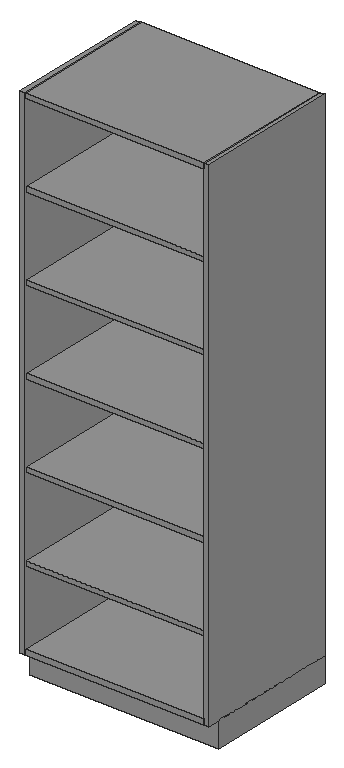
Revit family "TMI - T1100 - Tall_Open1", category Casework, Revit 2016
Family settings
  OmniClass Number = 23.40.35.14.11
  OmniClass Title = Modular Casework
  Work Plane-Based = No
  Always vertical = Yes
  Cut with Voids When Loaded = No
  Shared = No
  Room Calculation Point = No
Parameters (values of type "30" x 84" x 23"")
  Verticle Partition [instance] = Width > 39"  # no
  URL = "www.tmisystems.com"
  Two Shelves [instance] = Shelf Quantity = 2  # no
  Toe Kick Height = 4"
  Toe Kick Depth = 2"
  Three Shelves [instance] = Shelf Quantity = 3  # no
  Shelf Thickness = 3/4"
  Shelf Quantity [instance] = 5
  One Shelf [instance] = Shelf Quantity = 1  # no
  Model = "T1100"
  Manufacturer = "TMI Systems Corporation"
  Interior Finish = none
  Four Shelves [instance] = Shelf Quantity = 4  # no
  Five Shelves [instance] = Shelf Quantity = 5  # yes
  Filler Width (Left) [instance] = 3"
  Filler Right [instance] = no
  Filler Left [instance] = no
  Filler Width (Right) [instance] = 3"
  Description = "Tall, Open, Fixed Shelf, Adj. Shelf"
  Depth = 23"
  Height = 84"
  Width = 30"
  Casework Thickness = 3/4"
  Casework Back Thickness = 1/4"
  Cabinet Finish = Plastic Laminate
  Assembly Code = ""
Types (9): name | Width
  24" x 84" x 23" | 24"
  12" x 84" x 23" | 12"
  15" x 84" x 23" | 15"
  18" x 84" x 23" | 18"
  21" x 84" x 23" | 21"
  27" x 84" x 23" | 27"
  30" x 84" x 23" | 30"
  33" x 84" x 23" | 33"
  36" x 84" x 23" | 36"
Reference planes (in)
  plane 1 "Back": y = -1
  plane 2: z = 0
  plane 3 "Center (Left/Right)": x = 0.7377
  plane 4 "Left": x = -14.2623
  plane 5 "Right": x = 15.7377
  plane 6 "Front": y = -24
  plane 7 "Top": z = 84
  plane 8: y = -2
  plane 9: x = -13.5123
  plane 10: x = 14.9877
  plane 11: z = 83.25
  plane 12: x = -17.2623
  plane 13: x = 18.7377
  plane 14: y = -1.75
  plane 15: y = -22
  plane 16: z = 4
  plane 17: z = 4.75
  plane 18: z = 8.75
  plane 19: z = 79.25
  plane 20: x = 0.3627
  plane 21: x = 1.1127
  plane 22: z = 44
  plane 23: z = 64
  plane 24: z = 24
  plane 25: z = 30.66667
  plane 26: z = 57.33333
  plane 27: z = 70.66667
  plane 28: z = 17.33333
  plane 29: z = 44
  plane 30: y = -23.875
  plane 31: z = 68
  plane 32: z = 52
  plane 33: z = 36
  plane 34: z = 20
  plane 35: y = -21.25
  plane 36: y = -23.25
Forms (in)
  Extrusion 1, solid, material "Plastic Laminate" <- "Cabinet Finish"
    sketch origin (0, 0.21844, 0) x (1, 0, 0) y (0, 1, 0)
      loop
        line (-14.2623, -1.21844) -> (-14.2623, -24.21844) -> (-13.5123, -24.21844) -> (-13.5123, -1.21844) -> (-14.2623, -1.21844)
      loop
        line (14.9877, -1.21844) -> (14.9877, -24.21844) -> (15.7377, -24.21844) -> (15.7377, -1.21844) -> (14.9877, -1.21844)
    from 4 to 84
  Extrusion 2, solid, material "Plastic Laminate" <- "Cabinet Finish"
    sketch origin (0.05747, 11.94613, 0) x (1, 0, 0) y (0, 0, 1)
      loop
        line (-13.56976, 4.75) -> (-13.56976, 4) -> (14.93024, 4) -> (14.93024, 4.75) -> (-13.56976, 4.75)
      loop
        line (-13.56976, 84) -> (-13.56976, 83.25) -> (14.93024, 83.25) -> (14.93024, 84) -> (-13.56976, 84)
    from 12.94613 to 35.94613
  Extrusion 3, solid, material "Plastic Laminate" <- "Cabinet Finish"
    sketch origin (0, 0, 0) x (1, 0, 0) y (0, 1, 0)
      loop
        line (-13.5123, -1.75) -> (-13.5123, -2) -> (14.9877, -2) -> (14.9877, -1.75) -> (-13.5123, -1.75)
    from 83.63348 to 4.36517
  Extrusion 4, solid, material "Plastic Laminate" <- "Cabinet Finish", visible <- "Filler Right"
    sketch origin (0, -24, 0) x (1, 0, 0) y (0, 0, 1)
      loop
        line (15.7377, 84) -> (15.7377, 4) -> (18.7377, 4) -> (18.7377, 84) -> (15.7377, 84)
    from -0.75 to 0
  Extrusion 5, solid, material "Plastic Laminate" <- "Cabinet Finish", visible <- "Filler Left"
    sketch origin (0, -24, 0) x (1, 0, 0) y (0, 0, 1)
      loop
        line (-17.2623, 84) -> (-17.2623, 4) -> (-14.2623, 4) -> (-14.2623, 84) -> (-17.2623, 84)
    from -0.75 to 0
  Extrusion 6, solid, material "Wood"
    sketch origin (-14.2623, 0, 0) x (0, -1, 0) y (0, 0, 1)
      loop
        line (1, 83.25) -> (1, 79.25) -> (1.75, 79.25) -> (1.75, 83.25) -> (1, 83.25)
      loop
        line (1, 8.75) -> (1, 4.75) -> (1.75, 4.75) -> (1.75, 8.75) -> (1, 8.75)
    from -29.25 to -0.75
  Extrusion 7, solid, material "Wood"
    sketch origin (0, 0, 0) x (1, 0, 0) y (0, 0, 1)
      loop
        line (15.7377, 4) -> (-14.2623, 4) -> (-14.2623, 0) -> (15.7377, 0) -> (15.7377, 4)
    from 1 to 22
  Extrusion 8, solid, material "Wood", visible <- "Filler Right"
    sketch origin (0, 0, 0) x (1, 0, 0) y (0, 0, 1)
      loop
        line (18.7377, 4) -> (15.7377, 4) -> (15.7377, 0) -> (18.7377, 0) -> (18.7377, 4)
    from 21.25 to 22
  Extrusion 9, solid, material "Wood", visible <- "Filler Left"
    sketch origin (0, 0, 0) x (1, 0, 0) y (0, 0, 1)
      loop
        line (-14.2623, 4) -> (-17.2623, 4) -> (-17.2623, 0) -> (-14.2623, 0) -> (-14.2623, 4)
    from 21.25 to 22
  Extrusion 10, solid, material "Plastic Laminate" <- "Cabinet Finish", visible <- "Verticle Partition"
    sketch origin (0, -24, 0) x (1, 0, 0) y (0, 0, 1)
      loop
        line (0.3627, 83.25) -> (0.3627, 4.75) -> (1.1127, 4.75) -> (1.1127, 83.25) -> (0.3627, 83.25)
    from -22 to 0
  Extrusion 11, solid, material "Plastic Laminate" <- "Cabinet Finish", visible <- "Five Shelves"
    sketch origin (0, -24, 0) x (1, 0, 0) y (0, 0, 1)
      loop
        line (-13.5123, 70.66667) -> (-13.5123, 69.91667) -> (14.9877, 69.91667) -> (14.9877, 70.66667) -> (-13.5123, 70.66667)
      loop
        line (14.9877, 57.33333) -> (-13.5123, 57.33333) -> (-13.5123, 56.58333) -> (14.9877, 56.58333) -> (14.9877, 57.33333)
      loop
        line (-13.5123, 44) -> (-13.5123, 43.25) -> (14.9877, 43.25) -> (14.9877, 44) -> (-13.5123, 44)
      loop
        line (-13.5123, 30.66667) -> (-13.5123, 29.91667) -> (14.9877, 29.91667) -> (14.9877, 30.66667) -> (-13.5123, 30.66667)
      loop
        line (-13.5123, 17.33333) -> (-13.5123, 16.58333) -> (14.9877, 16.58333) -> (14.9877, 17.33333) -> (-13.5123, 17.33333)
    from -22 to -0.125
  Extrusion 12, solid, material "Plastic Laminate" <- "Cabinet Finish", visible <- "Four Shelves"
    sketch origin (0, -24, 0) x (1, 0, 0) y (0, 0, 1)
      loop
        line (-13.5123, 68) -> (-13.5123, 67.25) -> (14.9877, 67.25) -> (14.9877, 68) -> (-13.5123, 68)
      loop
        line (-13.5123, 52) -> (-13.5123, 51.25) -> (14.9877, 51.25) -> (14.9877, 52) -> (-13.5123, 52)
      loop
        line (-13.5123, 36) -> (-13.5123, 35.25) -> (14.9877, 35.25) -> (14.9877, 36) -> (-13.5123, 36)
      loop
        line (-13.5123, 19.25) -> (14.9877, 19.25) -> (14.9877, 20) -> (-13.5123, 20) -> (-13.5123, 19.25)
    from -22 to -0.125
  Extrusion 13, solid, material "Plastic Laminate" <- "Cabinet Finish", visible <- "Three Shelves"
    sketch origin (0, -24, 0) x (1, 0, 0) y (0, 0, 1)
      loop
        line (-13.5123, 64) -> (-13.5123, 63.25) -> (14.9877, 63.25) -> (14.9877, 64) -> (-13.5123, 64)
      loop
        line (-13.5123, 44) -> (-13.5123, 43.25) -> (14.9877, 43.25) -> (14.9877, 44) -> (-13.5123, 44)
      loop
        line (-13.5123, 24) -> (-13.5123, 23.25) -> (14.9877, 23.25) -> (14.9877, 24) -> (-13.5123, 24)
    from -22 to -0.125
  Extrusion 14, solid, material "Plastic Laminate" <- "Cabinet Finish", visible <- "One Shelf"
    sketch origin (0, -24, 0) x (1, 0, 0) y (0, 0, 1)
      loop
        line (-13.5123, 44) -> (-13.5123, 43.25) -> (14.9877, 43.25) -> (14.9877, 44) -> (-13.5123, 44)
    from -22 to -0.125
  Extrusion 15, solid, material "Plastic Laminate" <- "Cabinet Finish", visible <- "Two Shelves"
    sketch origin (0, -24, 0) x (1, 0, 0) y (0, 0, 1)
      loop
        line (-13.5123, 57.33333) -> (-13.5123, 56.58333) -> (14.9877, 56.58333) -> (14.9877, 57.33333) -> (-13.5123, 57.33333)
      loop
        line (-13.5123, 30.66667) -> (-13.5123, 29.91667) -> (14.9877, 29.91667) -> (14.9877, 30.66667) -> (-13.5123, 30.66667)
    from -22 to -0.125
Lines and regions (in)
  Masking region 1
    outline origin (0, 0, 0) x (1, 0, 0) y (0, 1, 0)
      loop
        line (-14.2623, -1) -> (-14.2623, -24) -> (15.7377, -24) -> (15.7377, -1) -> (-14.2623, -1)
  Masking region 2, visible <- "Filler Left"
    outline origin (0, 0, 0) x (1, 0, 0) y (0, 1, 0)
      loop
        line (-17.2623, -21.25) -> (-17.2623, -24) -> (-14.2623, -24) -> (-14.2623, -21.25) -> (-17.2623, -21.25)
  Masking region 3, visible <- "Filler Right"
    outline origin (0, 0, 0) x (1, 0, 0) y (0, 1, 0)
      loop
        line (15.7377, -21.25) -> (15.7377, -24) -> (18.7377, -24) -> (18.7377, -21.25) -> (15.7377, -21.25)
  symbolic lines, style "CaseworkHiddenLines"
    curve 1: line (0.8002, -24, 0) -> (0.6752, -24, 0)
    curve 2: line (0.6752, -24, 4) -> (0.8002, -24, 4)
  symbolic lines, style "Casework"
    curve 3: line (-14.2623, -1, 4.75) -> (-14.2623, -1.75, 4.75)
    curve 4: line (-14.2623, -1, 4) -> (-14.2623, -1, 4.75)
    curve 5: line (-14.2623, -24.00118, 4) -> (-14.2623, -1, 4)
    curve 6: line (-14.2623, -24.00118, 4.75) -> (-14.2623, -24.00118, 4)
    curve 7: line (-14.2623, -1, 84) -> (-14.2623, -24.00118, 84)
    curve 8: line (-14.2623, -1, 83.25) -> (-14.2623, -1, 84)
    curve 9: line (-14.2623, -24.00118, 83.25) -> (-14.2623, -2, 83.25)
    curve 10: line (-14.2623, -24.00118, 84) -> (-14.2623, -24.00118, 83.25)
    curve 11: line (-14.2623, -1.75, 83.25) -> (-14.2623, -1, 83.25)
    curve 12: line (-14.2623, -2, 4.75) -> (-14.2623, -24.00118, 4.75)
  symbolic lines, style "CaseworkHiddenLines", visible <- "Five Shelves"
    curve 13: line (-14.2623, -2, 70.66667) -> (-14.2623, -23.875, 70.66667)
    curve 14: line (-14.2623, -23.875, 70.66667) -> (-14.2623, -23.875, 69.91667)
    curve 15: line (-14.2623, -23.875, 69.91667) -> (-14.2623, -2, 69.91667)
    curve 22: line (-14.2623, -2, 57.33333) -> (-14.2623, -23.875, 57.33333)
    curve 23: line (-14.2623, -23.875, 57.33333) -> (-14.2623, -23.875, 56.58333)
    curve 24: line (-14.2623, -23.875, 56.58333) -> (-14.2623, -2, 56.58333)
    curve 28: line (-14.2623, -2, 44) -> (-14.2623, -23.875, 44)
    curve 29: line (-14.2623, -23.875, 44) -> (-14.2623, -23.875, 43.25)
    curve 30: line (-14.2623, -23.875, 43.25) -> (-14.2623, -2, 43.25)
    curve 34: line (-14.2623, -2, 30.66667) -> (-14.2623, -23.875, 30.66667)
    curve 35: line (-14.2623, -23.875, 30.66667) -> (-14.2623, -23.875, 29.91667)
    curve 36: line (-14.2623, -23.875, 29.91667) -> (-14.2623, -2, 29.91667)
    curve 43: line (-14.2623, -2, 17.33333) -> (-14.2623, -23.875, 17.33333)
    curve 44: line (-14.2623, -23.875, 17.33333) -> (-14.2623, -23.875, 16.58333)
    curve 45: line (-14.2623, -23.875, 16.58333) -> (-14.2623, -2, 16.58333)
  symbolic lines, style "CaseworkHiddenLines", visible <- "Four Shelves"
    curve 16: line (-14.2623, -2, 67.25) -> (-14.2623, -23.875, 67.25)
    curve 17: line (-14.2623, -23.875, 67.25) -> (-14.2623, -23.875, 68)
    curve 18: line (-14.2623, -23.875, 68) -> (-14.2623, -2, 68)
    curve 25: line (-14.2623, -2, 51.25) -> (-14.2623, -23.875, 51.25)
    curve 26: line (-14.2623, -23.875, 51.25) -> (-14.2623, -23.875, 52)
    curve 27: line (-14.2623, -23.875, 52) -> (-14.2623, -2, 52)
    curve 31: line (-14.2623, -2, 35.25) -> (-14.2623, -23.875, 35.25)
    curve 32: line (-14.2623, -23.875, 35.25) -> (-14.2623, -23.875, 36)
    curve 33: line (-14.2623, -23.875, 36) -> (-14.2623, -2, 36)
    curve 40: line (-14.2623, -2, 20) -> (-14.2623, -23.875, 20)
    curve 41: line (-14.2623, -23.875, 20) -> (-14.2623, -23.875, 19.25)
    curve 42: line (-14.2623, -23.875, 19.25) -> (-14.2623, -2, 19.25)
  symbolic lines, style "CaseworkHiddenLines", visible <- "Three Shelves"
    curve 19: line (-14.2623, -2, 64) -> (-14.2623, -23.875, 64)
    curve 20: line (-14.2623, -23.875, 64) -> (-14.2623, -23.875, 63.25)
    curve 21: line (-14.2623, -23.875, 63.25) -> (-14.2623, -2, 63.25)
    curve 37: line (-14.2623, -2, 24) -> (-14.2623, -23.875, 24)
    curve 38: line (-14.2623, -23.875, 24) -> (-14.2623, -23.875, 23.25)
    curve 39: line (-14.2623, -23.875, 23.25) -> (-14.2623, -2, 23.25)
    curve 46: line (-14.2623, -2, 44) -> (-14.2623, -23.875, 44)
    curve 47: line (-14.2623, -23.875, 44) -> (-14.2623, -23.875, 43.25)
    curve 48: line (-14.2623, -23.875, 43.25) -> (-14.2623, -2, 43.25)
  symbolic lines, style "CaseworkHiddenLines", visible <- "Two Shelves"
    curve 49: line (-14.2623, -2, 30.66667) -> (-14.2623, -23.875, 30.66667)
    curve 50: line (-14.2623, -23.875, 30.66667) -> (-14.2623, -23.875, 29.91667)
    curve 51: line (-14.2623, -23.875, 29.91667) -> (-14.2623, -2, 29.91667)
    curve 52: line (-14.2623, -2, 57.33333) -> (-14.2623, -23.875, 57.33333)
    curve 53: line (-14.2623, -23.875, 57.33333) -> (-14.2623, -23.875, 56.58333)
    curve 54: line (-14.2623, -23.875, 56.58333) -> (-14.2623, -2, 56.58333)
  symbolic lines, style "CaseworkHiddenLines", visible <- "One Shelf"
    curve 55: line (-14.2623, -2, 44) -> (-14.2623, -23.875, 44)
    curve 56: line (-14.2623, -23.875, 44) -> (-14.2623, -23.875, 43.25)
    curve 57: line (-14.2623, -23.875, 43.25) -> (-14.2623, -2, 43.25)
Dimensions and locks (in)
  "Width": plane 4 "Left" to plane 5 "Right"
  equal spacing: plane 4 "Left", plane 3 "Center (Left/Right)", plane 5 "Right"
  "Casework Thickness": plane 4 "Left" to plane 9
  "Casework Thickness": plane 10 to plane 5 "Right"
  "Casework Thickness": plane 7 "Top" to plane 11
  "Filler Width (Right)": plane 5 "Right" to plane 13
  "Filler Width (Left)": plane 12 to plane 4 "Left"
  "Depth": plane 6 "Front" to plane 1 "Back"
  "Casework Back Thickness": plane 14 to plane 8
  locked: plane 14 to plane 1 "Back" at 0.75
  "Toe Kick Depth": plane 15 to plane 6 "Front"
  "Toe Kick Height": plane 16 to level
  "Casework Thickness": plane 17 to plane 16
  "Height": plane 7 "Top" to level
  locked: plane 19 to plane 11 at 4
  locked: plane 17 to plane 18 at 4
  locked: plane 17 to Extrusion 3 at 0.38483
  locked: plane 11 to Extrusion 3 at 0.38348
  "Casework Thickness": plane 20 to plane 21
  equal spacing: plane 21, plane 3 "Center (Left/Right)", plane 20
  equal spacing: plane 7 "Top", plane 23, plane 22, plane 24, plane 16
  equal spacing: plane 7 "Top", plane 27, plane 26, plane 29, plane 25, plane 28, plane 16
  "Shelf Thickness": plane 27 to Extrusion 11 sketch curve
  "Shelf Thickness": plane 26 to Extrusion 11 sketch curve
  "Shelf Thickness": plane 29 to Extrusion 11 sketch curve
  "Shelf Thickness": plane 25 to Extrusion 11 sketch curve
  "Shelf Thickness": plane 28 to Extrusion 11 sketch curve
  "Shelf Thickness": Extrusion 12 sketch curve to Extrusion 12 sketch curve  (x4)
  "Shelf Thickness": plane 23 to Extrusion 13 sketch curve
  "Shelf Thickness": Extrusion 11 to Extrusion 13 sketch curve
  "Shelf Thickness": Extrusion 13 sketch curve to Extrusion 13 sketch curve
  equal spacing: plane 7 "Top", plane 31, plane 32, plane 33, plane 34, plane 16
  locked: plane 6 "Front" to plane 30 at 0.125
  locked: plane 6 "Front" to plane 36 at 0.75
  locked: plane 35 to plane 15 at 0.75
  aligned and locked: plane 2 to level
  aligned and locked: Extrusion 1 sketch curve to plane 4 "Left"
  aligned and locked: Extrusion 1 sketch curve to plane 9
  aligned and locked: Extrusion 1 sketch curve to plane 10
  aligned and locked: plane 5 "Right" to Extrusion 1 sketch curve
  aligned and locked: plane 7 "Top" to Extrusion 2 sketch curve
  aligned and locked: Extrusion 2 sketch curve to plane 11
  aligned and locked: Extrusion 1 to plane 1 "Back"  (x2)
  aligned and locked: plane 10 to Extrusion 3 sketch curve
  aligned and locked: plane 9 to Extrusion 3 sketch curve
  aligned and locked: plane 8 to Extrusion 3 sketch curve
  aligned and locked: Extrusion 1 to plane 7 "Top"
  aligned and locked: plane 7 "Top" to Extrusion 4 sketch curve
  aligned and locked: Extrusion 4 sketch curve to plane 13
  aligned and locked: Extrusion 4 sketch curve to plane 5 "Right"
  aligned and locked: plane 7 "Top" to Extrusion 5 sketch curve
  aligned and locked: plane 12 to Extrusion 5 sketch curve
  aligned and locked: plane 14 to Extrusion 3
  aligned and locked: plane 14 to Extrusion 6 sketch curve  (x2)
  aligned and locked: plane 1 "Back" to Extrusion 6 sketch curve  (x2)
  aligned and locked: plane 11 to Extrusion 6 sketch curve
  aligned and locked: Extrusion 6 to plane 9
  aligned and locked: Extrusion 6 to plane 10
  aligned and locked: Extrusion 8 to Extrusion 7
  aligned and locked: Extrusion 9 to Extrusion 7
  aligned and locked: plane 16 to Extrusion 9
  aligned and locked: plane 16 to Extrusion 7
  aligned and locked: plane 16 to Extrusion 8
  aligned and locked: Extrusion 4 to plane 16
  aligned and locked: Extrusion 5 to plane 16
  aligned and locked: Extrusion 1 to plane 16
  aligned and locked: Extrusion 2 to plane 16
  aligned and locked: plane 17 to Extrusion 2
  aligned and locked: plane 19 to Extrusion 6
  aligned and locked: Extrusion 1 to Extrusion 2
  aligned and locked: Extrusion 7 to Extrusion 1
  aligned and locked: Extrusion 6 to plane 18
  aligned and locked: Extrusion 6 to plane 17
  aligned and locked: Masking region 1 sketch curve to plane 4 "Left"
  aligned and locked: plane 1 "Back" to Masking region 1 sketch curve
  aligned and locked: Masking region 1 sketch curve to plane 6 "Front"
  aligned and locked: plane 5 "Right" to Masking region 1 sketch curve
  aligned and locked: plane 1 "Back" to curve 8
  aligned and locked: plane 7 "Top" to curve 7
  aligned and locked: curve 11 to Extrusion 6
  aligned and locked: curve 3 to plane 17
  aligned and locked: plane 16 to curve 5
  aligned and locked: curve 9 to plane 11
  aligned and locked: Extrusion 9 to plane 15
  aligned and locked: plane 11 to Extrusion 10 sketch curve
  aligned and locked: plane 17 to Extrusion 10 sketch curve
  aligned and locked: plane 20 to Extrusion 10 sketch curve
  aligned and locked: plane 21 to Extrusion 10 sketch curve
  aligned and locked: plane 8 to Extrusion 10
  aligned and locked: plane 27 to Extrusion 11 sketch curve
  aligned and locked: plane 26 to Extrusion 11 sketch curve
  aligned and locked: plane 29 to Extrusion 11 sketch curve
  aligned and locked: plane 25 to Extrusion 11 sketch curve
  aligned and locked: plane 28 to Extrusion 11 sketch curve
  aligned and locked: plane 9 to Extrusion 11 sketch curve  (x4)
  aligned and locked: Extrusion 11 sketch curve to plane 9
  aligned and locked: plane 10 to Extrusion 11 sketch curve  (x3)
  aligned and locked: Extrusion 11 sketch curve to plane 10  (x2)
  aligned and locked: plane 9 to Extrusion 12 sketch curve  (x3)
  aligned and locked: Extrusion 12 sketch curve to plane 9
  aligned and locked: plane 10 to Extrusion 12 sketch curve
  aligned and locked: Extrusion 12 sketch curve to plane 10  (x3)
  aligned and locked: Extrusion 13 sketch curve to plane 24
  aligned and locked: plane 9 to Extrusion 13 sketch curve  (x3)
  aligned and locked: plane 10 to Extrusion 13 sketch curve
  aligned and locked: Extrusion 13 sketch curve to plane 10  (x2)
  aligned and locked: plane 29 to Extrusion 13 sketch curve
  aligned and locked: plane 23 to Extrusion 13 sketch curve
  aligned and locked: plane 8 to Extrusion 11
  aligned and locked: plane 8 to Extrusion 12
  aligned and locked: plane 8 to Extrusion 13
  aligned and locked: plane 29 to Extrusion 14 sketch curve
  aligned and locked: plane 9 to Extrusion 14 sketch curve
  aligned and locked: Extrusion 14 sketch curve to plane 10
  aligned and locked: Extrusion 14 sketch curve to Extrusion 13
  aligned and locked: plane 8 to Extrusion 14
  aligned and locked: plane 25 to Extrusion 15 sketch curve
  aligned and locked: Extrusion 15 sketch curve to plane 26
  aligned and locked: Extrusion 15 sketch curve to Extrusion 11  (x2)
  aligned and locked: Extrusion 15 sketch curve to plane 10
  aligned and locked: plane 9 to Extrusion 15 sketch curve  (x2)
  aligned and locked: plane 10 to Extrusion 15 sketch curve
  aligned and locked: plane 8 to Extrusion 15
  aligned and locked: plane 4 "Left" to Masking region 2 sketch curve
  aligned and locked: plane 12 to Masking region 2 sketch curve
  aligned and locked: Masking region 3 sketch curve to plane 5 "Right"
  aligned and locked: Masking region 3 sketch curve to plane 13
  aligned and locked: plane 30 to Extrusion 11
  aligned and locked: plane 30 to Extrusion 12
  aligned and locked: plane 30 to Extrusion 13
  aligned and locked: plane 30 to Extrusion 15
  aligned and locked: plane 30 to Extrusion 14
  aligned and locked: Extrusion 12 to plane 31
  aligned and locked: plane 32 to Extrusion 12
  aligned and locked: Extrusion 12 to plane 33
  aligned and locked: Extrusion 12 to plane 34
  aligned and locked: plane 6 "Front" to Extrusion 1  (x2)
  aligned and locked: plane 6 "Front" to Extrusion 10
  aligned and locked: plane 6 "Front" to Extrusion 4
  aligned and locked: plane 6 "Front" to Extrusion 5
  aligned and locked: plane 6 "Front" to Extrusion 2
  aligned and locked: curve 34 to Extrusion 15
  aligned and locked: curve 37 to Extrusion 13
  aligned and locked: curve 39 to Extrusion 13
  aligned and locked: curve 40 to Extrusion 12
  aligned and locked: curve 42 to Extrusion 12
  aligned and locked: curve 43 to Extrusion 11
  aligned and locked: curve 45 to Extrusion 11
  aligned and locked: curve 33 to Extrusion 12
  aligned and locked: Extrusion 12 to curve 31
  aligned and locked: curve 28 to Extrusion 14
  aligned and locked: curve 30 to Extrusion 14
  aligned and locked: curve 27 to Extrusion 12
  aligned and locked: Extrusion 12 to curve 25
  aligned and locked: curve 22 to Extrusion 15
  aligned and locked: curve 19 to Extrusion 13
  aligned and locked: curve 21 to Extrusion 13
  aligned and locked: curve 18 to Extrusion 12
  aligned and locked: Extrusion 12 to curve 16
  aligned and locked: curve 13 to Extrusion 11
  aligned and locked: curve 15 to Extrusion 11
  aligned and locked: plane 8 to curve 13
  aligned and locked: plane 8 to curve 15
  aligned and locked: curve 14 to plane 30
  aligned and locked: plane 8 to curve 24
  aligned and locked: plane 8 to curve 22
  aligned and locked: curve 23 to plane 30
  aligned and locked: plane 8 to curve 30
  aligned and locked: plane 8 to curve 28
  aligned and locked: plane 8 to curve 34
  aligned and locked: plane 8 to curve 36
  aligned and locked: plane 8 to curve 43
  aligned and locked: plane 8 to curve 45
  aligned and locked: curve 44 to plane 30
  aligned and locked: plane 8 to curve 27
  aligned and locked: plane 8 to curve 25
  aligned and locked: plane 30 to curve 26
  aligned and locked: plane 8 to curve 33
  aligned and locked: plane 8 to curve 31
  aligned and locked: plane 30 to curve 32
  aligned and locked: plane 8 to curve 40
  aligned and locked: plane 8 to curve 42
  aligned and locked: curve 41 to plane 30
  aligned and locked: plane 8 to curve 16
  aligned and locked: plane 8 to curve 18
  aligned and locked: plane 30 to curve 17
  aligned and locked: curve 46 to Extrusion 14
  aligned and locked: plane 8 to curve 46
  aligned and locked: plane 8 to curve 48
  aligned and locked: plane 8 to curve 19
  aligned and locked: plane 8 to curve 21
  aligned and locked: curve 20 to plane 30
  aligned and locked: plane 8 to curve 37
  aligned and locked: plane 8 to curve 39
  aligned and locked: curve 38 to plane 30
  aligned and locked: curve 52 to Extrusion 15
  aligned and locked: curve 54 to Extrusion 15
  aligned and locked: curve 49 to Extrusion 15
  aligned and locked: curve 51 to Extrusion 15
  aligned and locked: plane 8 to curve 51
  aligned and locked: curve 50 to plane 30
  aligned and locked: plane 8 to curve 52
  aligned and locked: plane 8 to curve 54
  aligned and locked: curve 55 to Extrusion 14
  aligned and locked: plane 8 to curve 55
  aligned and locked: plane 8 to curve 57
  aligned and locked: curve 56 to plane 30
  aligned and locked: Masking region 3 to plane 35
  aligned and locked: Extrusion 8 to plane 35
  aligned and locked: Extrusion 4 to plane 36
  aligned and locked: plane 35 to Masking region 2
  aligned and locked: Extrusion 5 to plane 36
  aligned and locked: plane 35 to Extrusion 9
Automatic sketch dimensions
  plane 1 "Back" to Extrusion 1 sketch curve = 0"  (x2)
  Extrusion 2 sketch curve to plane 9 = 0"  (x2)
  plane 10 to Extrusion 2 sketch curve = 0"  (x2)
  plane 1 "Back" to Extrusion 3 sketch curve = 3/4"
  level to Extrusion 2 sketch curve = 4"
  level to Extrusion 5 sketch curve = 4"
  level to Extrusion 4 sketch curve = 4"
  level to Extrusion 6 sketch curve = 4 3/4"
  Extrusion 2 sketch curve to Extrusion 2 sketch curve = 3/4"
  Extrusion 6 sketch curve to Extrusion 6 sketch curve = 4"
  plane 4 "Left" to Extrusion 7 sketch curve = 0"
  Extrusion 7 sketch curve to level = 0"
  plane 5 "Right" to Extrusion 7 sketch curve = 0"
  Extrusion 7 sketch curve to Extrusion 7 sketch curve = 4"
  plane 5 "Right" to Extrusion 8 sketch curve = 0"
  Extrusion 8 sketch curve to level = 0"
  Extrusion 8 sketch curve to plane 13 = 0"
  Extrusion 8 sketch curve to Extrusion 8 sketch curve = 4"
  Extrusion 9 sketch curve to plane 12 = 0"
  Extrusion 9 sketch curve to level = 0"
  plane 4 "Left" to Extrusion 9 sketch curve = 0"
  Extrusion 9 sketch curve to Extrusion 9 sketch curve = 4"
  plane 4 "Left" to Extrusion 5 sketch curve = 0"
  plane 19 to Extrusion 6 sketch curve = 0"
  curve 1 to level = 0"
  curve 2 to plane 16 = 0"
  curve 2 to plane 3 "Center (Left/Right)" = 1/16"
  curve 1 to plane 3 "Center (Left/Right)" = 1/16"
  plane 3 "Center (Left/Right)" to curve 2 = 1/16"
  plane 3 "Center (Left/Right)" to curve 1 = 1/16"
  Extrusion 12 sketch curve to plane 34 = 0"
  Extrusion 12 sketch curve to plane 33 = 0"
  Extrusion 12 sketch curve to plane 32 = 0"
  Extrusion 12 sketch curve to plane 31 = 0"
  plane 30 to Extrusion 1 sketch curve = 1/8"  (x2)
  plane 30 to Masking region 2 sketch curve = 1/8"
  plane 30 to Masking region 3 sketch curve = 1/8"
  curve 3 to plane 1 "Back" = 0"
  curve 3 to plane 14 = 0"
  curve 11 to plane 14 = 0"
  curve 49 to plane 8 = 0"
  curve 9 to plane 8 = 0"
  curve 12 to plane 8 = 0"
  curve 12 to plane 17 = 0"
  plane 6 "Front" to curve 7 = 0.00118"
  plane 6 "Front" to curve 6 = 0.00118"
  plane 1 "Back" to Masking region 2 sketch curve = 20 1/4"
  plane 1 "Back" to Masking region 3 sketch curve = 20 1/4"
